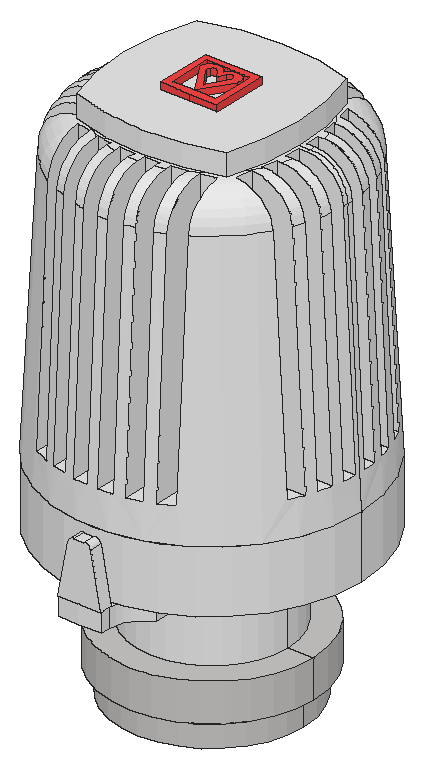
Revit family "HERZ-Thermostatkopf M28x1.5 7260", category Rohrzubehör, Revit 2019
Family settings
  Bemaßung runder Anschluss = Durchmesser verwenden
  Teiletyp = Normal
  OmniClass-Nummer = 23.65.55.14
  OmniClass-Titel = Valves for Liquid Services
  Arbeitsebenenbasiert = Nein
  Immer vertikal = Nein
  Beim Laden mit Abzugskörper schneiden = Nein
  Gemeinsam genutzt = Nein
Parameters
  automatische Frostsicherung = "bei ca. 6°C"  # constant formula
  W02 = 120.00°  # constant formula
  W01 = 135.00°  # constant formula
  URL = "www.herz-armaturen.at"
  Sollwerbereich = "6 - 28°C"  # constant formula
  S02 = 60.000 mm  # constant formula
  S01 = H02 + H07  # 79.500 mm
  R08 = 15.000 mm  # constant formula
  R07 = 6.000 mm  # constant formula
  R06 = 24.000 mm  # constant formula
  R05 = 16.350 mm  # constant formula
  R04 = 14.750 mm  # constant formula
  R03 = 13.200 mm  # constant formula
  R02 = 12.200 mm  # constant formula
  R01 = 22.400 mm  # constant formula
  Hersteller = "HERZ Armaturen Ges.m.b.H."  # constant formula
  Handrad = "Kunststoff, weiß"  # constant formula
  H09 = 3.500 mm  # constant formula
  H08 = 10.000 mm  # constant formula
  H07 = 59.000 mm  # constant formula
  H06 = 3.500 mm  # constant formula
  H05 = 10.500 mm  # constant formula
  H04 = 11.700 mm  # constant formula
  H03 = 4.500 mm  # constant formula
  H02 = 20.500 mm  # constant formula
  H01 = 45.800 mm  # constant formula
  Funktionsweise = "Der HERZ-Thermostat dient als Fühl- und Regelelement.\r\nDurch die Volumsänderung der Flüssigkeitsfüllung im HERZ-Hydrosensor wird die Schubspindel des Ventils bewegt."
  Bestellnummer = 1726006  # constant formula
  Ausführungen = "Heizkörperthermostat mit Flüssigkeitsfühler (Hydrosensor)\r\nmit automatischer Frostsicherung und Begrenzung ud Blockierung des Sollwertbereiches. Handradfarbe weiß."
  Anwendung = "Zur Montage auf allen HERZ-Ventilen, die für thermostatischen Betrieb eingerichtet sind."
Reference planes
  plane 1 "Mitte (Vorne/hinten)": y = 0
  plane 2: z = 0
  plane 3 "Mitte (Links/rechts)": x = 0
Forms (mm)
  Revolve 1, solid, material "Messing verzinkt", detail levels fine
    sketch origin (0, 0, 0) x (1, 0, 0) y (0, 0, 1)
      loop
        line (0, 4.5) -> (13.2, 4.5) -> (13.2, -3.563) -> (14.75, -3.563) -> (14.75, -0.063) -> (16.35, 0.861) -> (16.35, 6.937) -> (0, 6.937) -> (0, 4.5)
      axis (0, 6.937) -> (0, -3.563)
    angle from 0 to 360
  Revolve 2, solid, material "Kunststoff weiß", detail levels fine
    sketch origin (0, 0, 0) x (1, 0, 0) y (0, 0, 1)
      loop
        line (0, 20.5) -> (24, 20.5) -> (24, 30.5) -> (21.791, 73.806)
        arc (21.791, 73.806) -> (19.931, 77.849) -> (15.798, 79.5) r 6
        line (15.798, 79.5) -> (0, 79.5) -> (0, 20.5)
      axis (0, 79.5) -> (0, 20.5)
    angle from 0 to 360
  Extrusion 3, void
    sketch origin (0, 0, 0) x (1, 0, 0) y (0, 1, 0)
      loop
        line (24.458, 0.8) -> (24.458, 3.2) -> (14.361, 3.2)
        arc (14.361, 3.2) -> (14.446, 2.001) -> (14.491, 0.8) r 37
        line (14.491, 0.8) -> (24.458, 0.8)
      loop
        line (24.458, 4.8) -> (24.458, 7.2) -> (13.793, 7.2)
        arc (13.793, 7.2) -> (14.01, 6.003) -> (14.187, 4.8) r 37
        line (14.187, 4.8) -> (24.458, 4.8)
      loop
        line (24.458, 8.8) -> (24.458, 11.2) -> (12.764, 11.2)
        arc (12.764, 11.2) -> (13.121, 10.006) -> (13.438, 8.8) r 37
        line (13.438, 8.8) -> (24.458, 8.8)
      loop
        line (24.458, -0.8) -> (14.491, -0.8)
        arc (14.491, -0.8) -> (14.446, -2.001) -> (14.361, -3.2) r 37
        line (14.361, -3.2) -> (24.458, -3.2) -> (24.458, -0.8)
      loop
        line (24.458, -4.8) -> (14.187, -4.8)
        arc (14.187, -4.8) -> (14.01, -6.003) -> (13.793, -7.2) r 37
        line (13.793, -7.2) -> (24.458, -7.2) -> (24.458, -4.8)
      loop
        line (24.458, -8.8) -> (13.438, -8.8)
        arc (13.438, -8.8) -> (13.121, -10.006) -> (12.764, -11.2) r 37
        line (12.764, -11.2) -> (24.458, -11.2) -> (24.458, -8.8)
      loop
        line (-24.458, 0.8) -> (-14.491, 0.8)
        arc (-14.491, 0.8) -> (-14.446, 2.001) -> (-14.361, 3.2) r 37
        line (-14.361, 3.2) -> (-24.458, 3.2) -> (-24.458, 0.8)
      loop
        line (-24.458, 4.8) -> (-14.187, 4.8)
        arc (-14.187, 4.8) -> (-14.01, 6.003) -> (-13.793, 7.2) r 37
        line (-13.793, 7.2) -> (-24.458, 7.2) -> (-24.458, 4.8)
      loop
        line (-24.458, 8.8) -> (-13.438, 8.8)
        arc (-13.438, 8.8) -> (-13.121, 10.006) -> (-12.764, 11.2) r 37
        line (-12.764, 11.2) -> (-24.458, 11.2) -> (-24.458, 8.8)
      loop
        line (-24.458, -0.8) -> (-24.458, -3.2) -> (-14.361, -3.2)
        arc (-14.361, -3.2) -> (-14.446, -2.001) -> (-14.491, -0.8) r 37
        line (-14.491, -0.8) -> (-24.458, -0.8)
      loop
        line (-24.458, -4.8) -> (-24.458, -7.2) -> (-13.793, -7.2)
        arc (-13.793, -7.2) -> (-14.01, -6.003) -> (-14.187, -4.8) r 37
        line (-14.187, -4.8) -> (-24.458, -4.8)
      loop
        line (-24.458, -8.8) -> (-24.458, -11.2) -> (-12.764, -11.2)
        arc (-12.764, -11.2) -> (-13.121, -10.006) -> (-13.438, -8.8) r 37
        line (-13.438, -8.8) -> (-24.458, -8.8)
      loop
        line (0.8, 24.458) -> (0.8, 14.491)
        arc (0.8, 14.491) -> (2.001, 14.446) -> (3.2, 14.361) r 37
        line (3.2, 14.361) -> (3.2, 24.458) -> (0.8, 24.458)
      loop
        line (4.8, 24.458) -> (4.8, 14.187)
        arc (4.8, 14.187) -> (6.003, 14.01) -> (7.2, 13.793) r 37
        line (7.2, 13.793) -> (7.2, 24.458) -> (4.8, 24.458)
      loop
        line (8.8, 24.458) -> (8.8, 13.438)
        arc (8.8, 13.438) -> (10.006, 13.121) -> (11.2, 12.764) r 37
        line (11.2, 12.764) -> (11.2, 24.458) -> (8.8, 24.458)
      loop
        line (-0.8, 24.458) -> (-3.2, 24.458) -> (-3.2, 14.361)
        arc (-3.2, 14.361) -> (-2.001, 14.446) -> (-0.8, 14.491) r 37
        line (-0.8, 14.491) -> (-0.8, 24.458)
      loop
        line (-4.8, 24.458) -> (-7.2, 24.458) -> (-7.2, 13.793)
        arc (-7.2, 13.793) -> (-6.003, 14.01) -> (-4.8, 14.187) r 37
        line (-4.8, 14.187) -> (-4.8, 24.458)
      loop
        line (-8.8, 24.458) -> (-11.2, 24.458) -> (-11.2, 12.764)
        arc (-11.2, 12.764) -> (-10.006, 13.121) -> (-8.8, 13.438) r 37
        line (-8.8, 13.438) -> (-8.8, 24.458)
      loop
        line (0.8, -24.458) -> (3.2, -24.458) -> (3.2, -14.361)
        arc (3.2, -14.361) -> (2.001, -14.446) -> (0.8, -14.491) r 37
        line (0.8, -14.491) -> (0.8, -24.458)
      loop
        line (4.8, -24.458) -> (7.2, -24.458) -> (7.2, -13.793)
        arc (7.2, -13.793) -> (6.003, -14.01) -> (4.8, -14.187) r 37
        line (4.8, -14.187) -> (4.8, -24.458)
      loop
        line (8.8, -24.458) -> (11.2, -24.458) -> (11.2, -12.764)
        arc (11.2, -12.764) -> (10.006, -13.121) -> (8.8, -13.438) r 37
        line (8.8, -13.438) -> (8.8, -24.458)
      loop
        line (-0.8, -24.458) -> (-0.8, -14.491)
        arc (-0.8, -14.491) -> (-2.001, -14.446) -> (-3.2, -14.361) r 37
        line (-3.2, -14.361) -> (-3.2, -24.458) -> (-0.8, -24.458)
      loop
        line (-4.8, -24.458) -> (-4.8, -14.187)
        arc (-4.8, -14.187) -> (-6.003, -14.01) -> (-7.2, -13.793) r 37
        line (-7.2, -13.793) -> (-7.2, -24.458) -> (-4.8, -24.458)
      loop
        line (-8.8, -24.458) -> (-8.8, -13.438)
        arc (-8.8, -13.438) -> (-10.006, -13.121) -> (-11.2, -12.764) r 37
        line (-11.2, -12.764) -> (-11.2, -24.458) -> (-8.8, -24.458)
    from 36 to 81.5
  Extrusion 4, solid, material "Kunststoff weiß", detail levels fine
    sketch origin (0, 0, 0) x (1, 0, 0) y (0, 1, 0)
      loop
        arc (12, 12) -> (0, 14) -> (-12, 12) r 37
        arc (-12, 12) -> (-14, 0) -> (-12, -12) r 37
        arc (-12, -12) -> (0, -14) -> (12, -12) r 37
        arc (12, -12) -> (14, 0) -> (12, 12) r 37
    from 79.5 to 83
  Extrusion 5, solid, material "Kunststoff weiß", detail levels fine
    sketch origin (0.017, -0.017, 0) x (0, -1, 0) y (1, 0, 0)
      loop
        line (14.714, 6.983) -> (14.714, -7.017) -> (19.645, -7.017)
        arc (19.645, -7.017) -> (21.761, -4.508) -> (24.882, -3.488) r 6
        line (24.882, -3.488) -> (26.272, -3.488)
        arc (26.272, -3.488) -> (26.5, 0) -> (26.267, 3.488) r 26.5
        line (26.267, 3.488) -> (24.882, 3.488)
        arc (24.882, 3.488) -> (21.777, 4.497) -> (19.66, 6.983) r 6
        line (19.66, 6.983) -> (14.714, 6.983)
    from 17.5 to 20.5
  Extrusion 6, solid, material "Kunststoff weiß", detail levels fine
    sketch origin (0.017, -0.017, 3.5) x (1, 0, 0) y (0, 0, 1)
      loop
        arc (-0.8, 26.1) -> (-1.432, 25.875) -> (-1.779, 25.302) r 1
        line (-1.779, 25.302) -> (-3.488, 17) -> (3.488, 17) -> (1.779, 25.302)
        arc (1.779, 25.302) -> (1.432, 25.875) -> (0.8, 26.1) r 1
        line (0.8, 26.1) -> (-0.8, 26.1)
    from 26.5 to 24.5
  Revolve 7, solid, material "Kunststoff weiß", detail levels fine
    sketch origin (90.543, 0, 0) x (1, 0, 0) y (0, 0, 1)
      loop
        line (-90.543, 0) -> (-77.343, 0) -> (-77.343, 4.5) -> (-78.343, 4.5) -> (-78.343, 20.5) -> (-68.143, 20.5) -> (-68.143, 34.1) -> (-75.543, 34.1) -> (-75.543, 45.8) -> (-90.543, 45.8) -> (-90.543, 0)
      axis (-90.543, 45.8) -> (-90.543, 0)
    angle from 0 to 360
Cuts and joins
  Extrusion 3 cuts Revolve 2
Lines and regions (mm)
  model lines, detail levels coarse+medium
    curve 1: line (0, 0, 0) -> (0, 0, 19.5)
    curve 2: line (0, -0.017, 0) -> (0, 19.5, 0)
    curve 3: circle (0, 0, 49.5) r 30 normal (0, -1, 0)
    curve 4: circle (0, 0, 49.5) r 30 normal (1, 0, 0)
    curve 5: line (0, 0, 29.5) -> (0, 0, 69.5)
    curve 6: line (0, -17.5, 69.5) -> (0, 17.5, 69.5)
    curve 7: line (0, 0, 29.5) -> (0, 0, 69.5)
    curve 8: line (-17.5, 0, 69.5) -> (17.5, 0, 69.5)
    curve 9: circle (0, 49.5, 0) r 30 normal (0, 0, 1)
    curve 10: line (0, 29.5, 0) -> (0, 69.5, 0)
    curve 11: line (-17.5, 69.5, 0) -> (17.5, 69.5, 0)
Dimensions and locks
  "H05": Revolve 1 sketch curve to Revolve 1 sketch curve
  "H06": Revolve 1 sketch curve to Revolve 1 sketch curve
  "H03": Revolve 1 sketch curve to plane 2
  "R04": Revolve 1 sketch curve to plane 3 "Mitte (Links/rechts)"
  "R03": plane 3 "Mitte (Links/rechts)" to Revolve 1 sketch curve
  "R05": Revolve 1 sketch curve to plane 3 "Mitte (Links/rechts)"
  "H08": Revolve 2 sketch curve to Revolve 2 sketch curve
  "R06": Revolve 2 sketch curve to Revolve 2 sketch curve
  "H02": Revolve 2 sketch curve to plane 2
  "H02": Revolve 7 sketch curve to plane 2
  "H03": Revolve 7 sketch curve to Revolve 7 sketch curve
  "H01": Revolve 7 sketch curve to plane 2
  "H04": Revolve 7 sketch curve to Revolve 7 sketch curve
  "R03": Revolve 7 sketch curve to plane 3 "Mitte (Links/rechts)"
  "R02": plane 3 "Mitte (Links/rechts)" to Revolve 7 sketch curve
  "R01": plane 3 "Mitte (Links/rechts)" to Revolve 7 sketch curve
  "R08": plane 3 "Mitte (Links/rechts)" to Revolve 7 sketch curve
  "H07": Revolve 2 sketch curve to Revolve 2 sketch curve
  "S01": curve 4 to plane 2
  "S01": curve 3 to plane 2
  "S01": plane 1 "Mitte (Vorne/hinten)" to curve 9
  "R07": radius of Revolve 2 sketch curve
  "S02": diameter of curve 3
  "S02": diameter of curve 4
  "S02": diameter of curve 9
  "W02": angle Revolve 1 sketch curve to Revolve 1 sketch curve
  aligned and locked: level to plane 2
Automatic sketch dimensions
  plane 1 "Mitte (Vorne/hinten)" to Extrusion 4 sketch curve = 0.000 mm  (x2)
  Extrusion 4 sketch curve to plane 3 "Mitte (Links/rechts)" = 0.000 mm  (x2)
  Extrusion 4 sketch curve to plane 3 "Mitte (Links/rechts)" = 23.000 mm
  plane 3 "Mitte (Links/rechts)" to Extrusion 4 sketch curve = 23.000 mm
  plane 1 "Mitte (Vorne/hinten)" to Extrusion 4 sketch curve = 23.000 mm
  Extrusion 4 sketch curve to plane 1 "Mitte (Vorne/hinten)" = 23.000 mm
  Extrusion 4 sketch curve to plane 3 "Mitte (Links/rechts)" = 12.000 mm  (x2)
  plane 3 "Mitte (Links/rechts)" to Extrusion 4 sketch curve = 12.000 mm
  plane 1 "Mitte (Vorne/hinten)" to Extrusion 4 sketch curve = 12.000 mm
  Extrusion 3 sketch curve to Extrusion 3 sketch curve = 0.000 mm  (x58)
  plane 1 "Mitte (Vorne/hinten)" to Extrusion 3 sketch curve = 0.000 mm  (x2)
  Extrusion 3 sketch curve to plane 3 "Mitte (Links/rechts)" = 0.000 mm  (x2)
  Extrusion 3 sketch curve to plane 3 "Mitte (Links/rechts)" = 0.800 mm  (x2)
  Extrusion 3 sketch curve to Extrusion 3 sketch curve = 2.400 mm  (x12)
  Extrusion 3 sketch curve to Extrusion 3 sketch curve = 1.600 mm  (x16)
  Extrusion 3 sketch curve to Extrusion 3 sketch curve = 1.564 mm  (x8)
  Extrusion 3 sketch curve to Extrusion 3 sketch curve = 0.674 mm  (x5)
  Extrusion 3 sketch curve to Extrusion 3 sketch curve = 0.354 mm  (x8)
  Extrusion 3 sketch curve to Extrusion 3 sketch curve = 0.395 mm  (x4)
  Extrusion 3 sketch curve to Extrusion 3 sketch curve = 0.174 mm  (x8)
  plane 1 "Mitte (Vorne/hinten)" to Extrusion 3 sketch curve = 0.800 mm  (x2)
  Extrusion 3 sketch curve to Extrusion 3 sketch curve = 0.130 mm  (x2)
  Extrusion 3 sketch curve to plane 1 "Mitte (Vorne/hinten)" = 0.800 mm  (x2)
  Extrusion 3 sketch curve to Extrusion 3 sketch curve = 8.009 mm  (x3)
  Extrusion 3 sketch curve to Extrusion 3 sketch curve = 1.958 mm  (x7)
  plane 3 "Mitte (Links/rechts)" to Extrusion 3 sketch curve = 0.800 mm  (x2)
  Extrusion 3 sketch curve to Extrusion 3 sketch curve = 11.019 mm
  Extrusion 5 sketch curve to plane 3 "Mitte (Links/rechts)" = 0.000 mm
  plane 1 "Mitte (Vorne/hinten)" to Extrusion 5 sketch curve = 0.017 mm
  Extrusion 5 sketch curve to plane 3 "Mitte (Links/rechts)" = 7.000 mm
  plane 1 "Mitte (Vorne/hinten)" to Extrusion 5 sketch curve = 14.731 mm
  Extrusion 5 sketch curve to Extrusion 5 sketch curve = 4.930 mm
  Extrusion 5 sketch curve to Extrusion 5 sketch curve = 4.946 mm
  Extrusion 5 sketch curve to plane 3 "Mitte (Links/rechts)" = 3.471 mm
  Extrusion 5 sketch curve to Extrusion 5 sketch curve = 5.237 mm
  Extrusion 5 sketch curve to Extrusion 5 sketch curve = 5.222 mm
  Extrusion 5 sketch curve to Extrusion 5 sketch curve = 5.470 mm
  Extrusion 5 sketch curve to Extrusion 5 sketch curve = 0.233 mm
  Extrusion 5 sketch curve to Extrusion 5 sketch curve = 1.390 mm
  plane 3 "Mitte (Links/rechts)" to Extrusion 5 sketch curve = 3.505 mm
  Extrusion 5 sketch curve to Extrusion 5 sketch curve = 3.495 mm
  Extrusion 5 sketch curve to Extrusion 5 sketch curve = 0.000 mm
  Extrusion 6 sketch curve to plane 3 "Mitte (Links/rechts)" = 3.471 mm
  Extrusion 6 sketch curve to plane 3 "Mitte (Links/rechts)" = 1.763 mm
  Extrusion 6 sketch curve to plane 3 "Mitte (Links/rechts)" = 0.783 mm
  plane 3 "Mitte (Links/rechts)" to Extrusion 6 sketch curve = 0.817 mm
  Extrusion 6 sketch curve to Extrusion 6 sketch curve = 0.979 mm
  plane 3 "Mitte (Links/rechts)" to Extrusion 6 sketch curve = 3.505 mm
  level to Extrusion 6 sketch curve = 20.500 mm
  Extrusion 6 sketch curve to Extrusion 6 sketch curve = 8.100 mm
  Extrusion 6 sketch curve to Extrusion 6 sketch curve = 0.000 mm
  Extrusion 6 sketch curve to Extrusion 6 sketch curve = 0.202 mm
  curve 5 to plane 1 "Mitte (Vorne/hinten)" = 0.000 mm
  curve 4 to plane 1 "Mitte (Vorne/hinten)" = 0.000 mm
  plane 1 "Mitte (Vorne/hinten)" to curve 6 = 17.500 mm
  curve 5 to curve 6 = 17.500 mm
  curve 5 to curve 4 = 20.000 mm
  curve 4 to curve 6 = 20.000 mm
  curve 3 to plane 3 "Mitte (Links/rechts)" = 0.000 mm
  curve 7 to plane 3 "Mitte (Links/rechts)" = 0.000 mm
  curve 1 to plane 3 "Mitte (Links/rechts)" = 0.000 mm
  curve 1 to level = 0.000 mm
  curve 8 to curve 7 = 17.500 mm
  plane 3 "Mitte (Links/rechts)" to curve 8 = 17.500 mm
  curve 1 to curve 7 = 10.000 mm
  curve 3 to curve 8 = 20.000 mm
  curve 9 to plane 3 "Mitte (Links/rechts)" = 0.000 mm
  curve 10 to plane 3 "Mitte (Links/rechts)" = 0.000 mm
  curve 2 to plane 3 "Mitte (Links/rechts)" = 0.000 mm
  curve 11 to curve 10 = 17.500 mm
  plane 3 "Mitte (Links/rechts)" to curve 11 = 17.500 mm
  plane 1 "Mitte (Vorne/hinten)" to curve 2 = 0.017 mm
  curve 2 to curve 10 = 10.000 mm
  curve 9 to curve 11 = 20.000 mm
  Revolve 1 sketch curve to plane 3 "Mitte (Links/rechts)" = 0.000 mm  (x2)
  level to Revolve 1 sketch curve = 0.861 mm
  Revolve 1 sketch curve to Revolve 1 sketch curve = 362.982 mm
  Revolve 1 sketch curve to Revolve 1 sketch curve = 2206.878 mm
  Revolve 2 sketch curve to plane 3 "Mitte (Links/rechts)" = 0.000 mm  (x2)
  plane 3 "Mitte (Links/rechts)" to Revolve 2 sketch curve = 15.798 mm
  Revolve 2 sketch curve to Revolve 2 sketch curve = 5.992 mm
  Revolve 2 sketch curve to level = 366.045 mm
  Revolve 2 sketch curve to Revolve 2 sketch curve = 2138.315 mm
  Revolve 7 sketch curve to level = 0.000 mm  (x2)
  Revolve 7 sketch curve to plane 3 "Mitte (Links/rechts)" = 0.000 mm  (x2)
  Revolve 7 sketch curve to Revolve 7 sketch curve = 0.000 mm
Nested families
  nested 1: "Herz-Logo" at (0, 0, 82.5), type "Herz-Logo", detail levels fine
Definition of nested family "Herz-Logo"
  Reference planes
    plane 1 "Mitte (Vorne/hinten)": y = 0
    plane 2: z = 0
    plane 3 "Mitte (Links/rechts)": x = 0
  Forms (mm)
    Extrusion 1, solid
      sketch origin (0, 0, 0) x (1, 0, 0) y (0, 1, 0)
        loop
          line (-0.018, -4.517) -> (4.482, -4.517) -> (4.482, 4.483) -> (-4.518, 4.483) -> (-4.518, -4.517) -> (-0.018, -4.517)
        loop
          line (-0.05, -3.48) -> (3.482, -3.48) -> (3.482, 3.483) -> (-3.518, 3.483) -> (-3.518, -3.48) -> (-0.05, -3.48)
        loop
          arc (-0.018, 2.383) -> (-1.543, 3.287) -> (-3.067, 2.383) r 1.738
          arc (-3.067, 2.383) -> (-3.191, 1.899) -> (-3.067, 1.415) r 1.009
          line (-3.067, 1.415) -> (-0.018, -3.281) -> (3.032, 1.415)
          arc (3.032, 1.415) -> (3.156, 1.899) -> (3.032, 2.383) r 1.009
          arc (3.032, 2.383) -> (1.507, 3.287) -> (-0.018, 2.383) r 1.738
        loop
          arc (1.885, 1.272) -> (2.005, 1.675) -> (1.885, 2.079) r 0.74
          arc (1.885, 2.079) -> (1.265, 2.416) -> (0.644, 2.079) r 0.74
          line (0.644, 2.079) -> (-0.018, 0.97) -> (-0.679, 2.079)
          arc (-0.679, 2.079) -> (-1.3, 2.416) -> (-1.921, 2.079) r 0.74
          arc (-1.921, 2.079) -> (-2.04, 1.675) -> (-1.921, 1.272) r 0.74
          line (-1.921, 1.272) -> (-0.018, -1.658) -> (1.885, 1.272)
      from 0 to 1.5
  Dimensions and locks
    aligned and locked: level to plane 2
